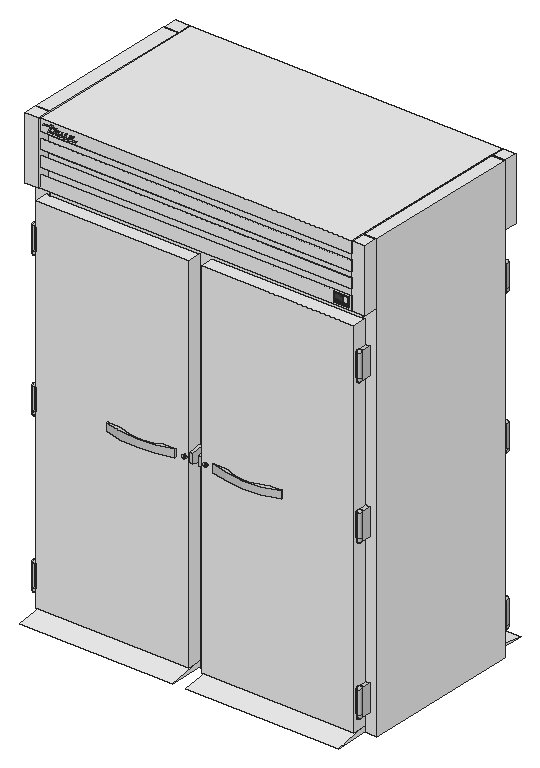
Revit family
Parameters
  Weight in Pounds = 0
  Watts = Volts * FL Amps  # 1092.5 W
  Volts = 115 V
  URL Cutsheet = "www.truemfg.com"
  URL = "www.truemfg.com"
  Type Mark [instance] = ""
  Type Comments = ""
  Status [instance] = ""
  Specification by User [instance] = ""
  Specification by Manufacturer = ""
  Show Logo [instance] = yes
  Show Clearance [instance] = yes
  Serial Number = ""
  Seismic Rating = ""
  SMACNA No = ""
  Revision Code [instance] = ""
  Phase = 1
  Omniclass Number and Title = ""
  Number of Poles [instance] = 1
  NAFEM Spec ID Number = ""
  Model = "STR2RRT89-2S-2S"
  Min Ckt Ampacity = 0 A
  Max Overcurrent Protection = 0 A
  Masterspec = ""
  Manufacturer = "TRUE FOOD SERVICE EQUIPMENT, INC."
  Length = 68"
  Item Number [instance] = ""
  Installed By [instance] = ""
  Identify Quantity as Lot [instance] = yes
  Height = 88 3/4"
  HP = "1/2"
  Furnished By [instance] = ""
  Foodservice Equipment Identifier [instance] = yes
  FL Amps = 9.5 A
  Electrical Remarks [instance] = ""
  Electric Connection Type [instance] = ""
  Elec Conn RI Height [instance] = 0"
  Elec Conn Connection Height [instance] = 0"
  Description = "Roll-thru Solid Swing Door Refrigerator"
  Depth = 37 1/2"
  Cycle = 60 Hz
  Conn Plug = "5-15P"
  Conn Conduit = yes
  CSI MasterFormat = ""
  CSI Master Format = ""
  Apparent Power = if(Phase = 3, Volts * FL Amps * 1.73, Volts * FL Amps)  # 1092.5 VA
Reference planes (in)
  plane 1 "BACK": y = 0
  plane 2: z = 0
  plane 3 "LEFT": x = 0
  plane 4 "RIGHT": x = 68
  plane 5 "FRONT": y = -37.5
  plane 6 "TOP": z = 88.75
  plane 7: x = 2.84375
  plane 8: y = -18.75
  plane 9: z = 73.75
  plane 10: y = -37.4542
  plane 11: y = -0.0458
  plane 12: x = 34
Forms (in)
  Extrusion 1, solid, material "QF_Finishes_Chrome - Satin"
    sketch origin (0.05, 0, 0) x (1, 0, 0) y (0, 1, 0)
      loop
        line (-0.05, -2.75) -> (-0.05, -34.75) -> (2.87859, -34.75) -> (2.87859, -2.75) -> (-0.05, -2.75)
    from 0 to 88.75
  Extrusion 2, solid, material "QF_Finishes_Chrome - Satin"
    sketch origin (83.15, 0, 0) x (1, 0, 0) y (0, 1, 0)
      loop
        line (-17.85, -2.75) -> (-17.85, -34.75) -> (-15.15, -34.75) -> (-15.15, -2.75) -> (-17.85, -2.75)
    from 0 to 88.75
  Extrusion 3, solid, material "QF_Finishes_Chrome - Satin"
    sketch origin (0, 0, 0) x (0, 1, 0) y (0, 0, 1)
      loop
        line (-37.4542, 76.28125) -> (-34.75, 76.28125) -> (-34.75, 0) -> (-2.75, 0) -> (-2.75, 76.28125) -> (-0.0458, 76.28125) -> (-0.0458, 78.81726) -> (-2.25, 77.25) -> (-2.25, 78.52557) -> (-0.0458, 80.09284) -> (-0.0458, 82.18904) -> (-2.25, 80.62178) -> (-2.25, 81.58254) -> (-0.0458, 83.1498) -> (-0.0458, 85.28351) -> (-2.25, 83.71625) -> (-2.25, 84.83852) -> (-0.0458, 86.40578) -> (-0.0458, 88.75) -> (-37.4542, 88.75) -> (-37.4542, 86.40578) -> (-35.25, 84.83852) -> (-35.25, 83.71625) -> (-37.4542, 85.28351) -> (-37.4542, 83.1498) -> (-35.25, 81.58254) -> (-35.25, 80.62178) -> (-37.4542, 82.18904) -> (-37.4542, 80.09284) -> (-35.25, 78.52557) -> (-35.25, 77.25) -> (-37.4542, 78.81726) -> (-37.4542, 76.28125)
    from 2.92859 to 65.3
  Extrusion 4, solid, material "QF_Finishes_Chrome - Satin"
    sketch origin (33, 0, 0) x (1, 0, 0) y (0, 1, 0)
      loop
        line (34.84782, -34.75) -> (32.3, -34.75) -> (32.3, -37.5) -> (34.84782, -37.5) -> (34.84782, -34.75)
      loop
        line (34.84782, -2.75) -> (34.84782, 0) -> (32.3, 0) -> (32.3, -2.75) -> (34.84782, -2.75)
    from 76.28125 to 88.75
  Extrusion 5, solid, material "QF_Finishes_Chrome - Satin"
    sketch origin (-50.125, 0, 0.25) x (1, 0, 0) y (0, 1, 0)
      loop
        line (53.05359, -34.75) -> (50.24109, -34.75) -> (50.24109, -37.5) -> (53.05359, -37.5) -> (53.05359, -34.75)
      loop
        line (53.05359, -2.75) -> (53.05359, 0) -> (50.24109, 0) -> (50.24109, -2.75) -> (53.05359, -2.75)
    from 76.03125 to 88.5
  Extrusion 6, solid, material "QF_Finishes_Chrome - Satin"
    sketch origin (-24.96875, -3.75, -0.71875) x (1, 0, 0) y (0, 0, 1)
      loop
        line (27.25, 1.71875) -> (57.65625, 1.71875) -> (57.65625, 74.46875) -> (27.25, 74.46875) -> (27.25, 1.71875)
      loop
        line (90.6875, 1.71875) -> (90.6875, 74.46875) -> (60.28125, 74.46875) -> (60.28125, 1.71875) -> (90.6875, 1.71875)
    from 31 to 33.75
  Extrusion 7, solid, material "QF_Finishes_Handrails and Railings"
    sketch origin (91.65625, -0.25, 26.93519) x (1, 0, 0) y (0, 1, 0)
      loop
        line (-53.875, -37.25) -> (-53.875, -37.45)
        arc (-53.875, -37.45) -> (-47.075, -38.65633) -> (-40.275, -37.45) r 19.7687
        line (-40.275, -37.45) -> (-40.275, -37.25) -> (-42.675, -37.25)
        arc (-42.675, -37.25) -> (-47.075, -38.40816) -> (-51.475, -37.25) r 8.93713
        line (-51.475, -37.25) -> (-53.875, -37.25)
    from 10.87731 to 12.37731
  Extrusion 8, solid, material "QF_Finishes_Handrails and Railings"
    sketch origin (9.65625, -3.83467, -1.5) x (1, 0, 0) y (0, 0, 1)
      loop
        circle (26.4375, 40.0625) r 0.35
      loop
        line (26.47265, 40.33635) -> (26.41715, 40.33635) -> (26.41715, 39.76895) -> (26.47265, 39.76895) -> (26.47265, 40.33635)
    from 33.5 to 33.83066
  Extrusion 9, solid, material "QF_Finishes_Handrails and Railings", visible <- "Show Logo"
    sketch origin (0.33478, -2.68623, 5.01857) x (1, 0, 0) y (0, 0, 1)
      loop
        line (3.46044, 83.08731) -> (3.35478, 82.86073) -> (4.76027, 82.86073)
        arc (4.76027, 82.86073) -> (4.78879, 82.81028) -> (4.76027, 82.75984) r 0.05887
        line (4.76027, 82.75984) -> (4.39369, 81.97372)
        arc (4.39369, 81.97372) -> (4.39051, 81.90091) -> (4.43975, 81.84717) r 0.09523
        line (4.43975, 81.84717) -> (5.33844, 81.84717)
        arc (5.33844, 81.84717) -> (5.45192, 81.88295) -> (5.52436, 81.97735) r 0.19785
        line (5.52436, 81.97735) -> (5.81285, 82.59601) -> (6.0779, 82.59601)
        arc (6.0779, 82.59601) -> (6.14744, 82.57043) -> (6.13737, 82.49703) r 0.05911
        line (6.13737, 82.49703) -> (5.89598, 81.97937)
        arc (5.89598, 81.97937) -> (5.89974, 81.8934) -> (5.97231, 81.84717) r 0.09318
        line (5.97231, 81.84717) -> (6.76198, 81.84717)
        arc (6.76198, 81.84717) -> (6.82249, 81.86919) -> (6.85468, 81.92495) r 0.09412
        arc (6.85468, 81.92495) -> (6.87746, 81.86995) -> (6.93246, 81.84717) r 0.07778
        line (6.93246, 81.84717) -> (7.43246, 81.84717)
        arc (7.43246, 81.84717) -> (7.49022, 81.86265) -> (7.53251, 81.90493) r 0.11552
        arc (7.53251, 81.90493) -> (7.55275, 81.85606) -> (7.60162, 81.83581) r 0.06912
        line (7.60162, 81.83581) -> (8.31225, 81.83581)
        arc (8.31225, 81.83581) -> (8.37034, 81.85988) -> (8.39441, 81.91797) r 0.08216
        arc (8.39441, 81.91797) -> (8.44767, 81.86472) -> (8.52042, 81.84522) r 0.14551
        line (8.52042, 81.84522) -> (9.85158, 81.84522) -> (9.99946, 82.10134) -> (8.65678, 82.10134)
        arc (8.65678, 82.10134) -> (8.61972, 82.12704) -> (8.61834, 82.17211) r 0.05009
        line (8.61834, 82.17211) -> (8.64157, 82.22192)
        arc (8.64157, 82.22192) -> (8.67723, 82.26864) -> (8.73327, 82.28635) r 0.09747
        line (8.73327, 82.28635) -> (9.16485, 82.28635)
        arc (9.16485, 82.28635) -> (9.258, 82.31131) -> (9.32619, 82.3795) r 0.1863
        line (9.32619, 82.3795) -> (9.45119, 82.59601)
        arc (9.45119, 82.59601) -> (9.45119, 82.71157) -> (9.35111, 82.76934) r 0.11556
        line (9.35111, 82.76934) -> (8.89562, 82.76934)
        arc (8.89562, 82.76934) -> (8.7795, 82.74962) -> (8.69849, 82.66412) r 0.18605
        line (8.69849, 82.66412) -> (8.48204, 82.19993)
        arc (8.48204, 82.19993) -> (8.41815, 82.11667) -> (8.31806, 82.08511) r 0.1745
        line (8.31806, 82.08511) -> (7.84559, 82.08511)
        arc (7.84559, 82.08511) -> (7.78903, 82.14684) -> (7.79268, 82.23048) r 0.10939
        line (7.79268, 82.23048) -> (8.04395, 82.76934) -> (7.88403, 82.76934) -> (7.61781, 82.19844)
        arc (7.61781, 82.19844) -> (7.56609, 82.13103) -> (7.48505, 82.10548) r 0.14128
        line (7.48505, 82.10548) -> (7.15925, 82.10548)
        arc (7.15925, 82.10548) -> (7.10419, 82.17723) -> (7.116, 82.26689) r 0.11816
        line (7.116, 82.26689) -> (7.3503, 82.76934) -> (7.18514, 82.76934) -> (6.91546, 82.191)
        arc (6.91546, 82.191) -> (6.85285, 82.12839) -> (6.76733, 82.10548) r 0.17104
        line (6.76733, 82.10548) -> (6.29555, 82.10548)
        arc (6.29555, 82.10548) -> (6.21082, 82.14499) -> (6.20267, 82.23813) r 0.0935
        line (6.20267, 82.23813) -> (6.35774, 82.57069) -> (6.57695, 82.57069)
        arc (6.57695, 82.57069) -> (6.61395, 82.68217) -> (6.69267, 82.76934) r 0.2857
        line (6.69267, 82.76934) -> (5.83605, 82.76934)
        arc (5.83605, 82.76934) -> (5.74086, 82.74824) -> (5.67498, 82.67635) r 0.16212
        line (5.67498, 82.67635) -> (5.44279, 82.17841)
        arc (5.44279, 82.17841) -> (5.3894, 82.12502) -> (5.31647, 82.10548) r 0.14586
        line (5.31647, 82.10548) -> (4.80506, 82.10548)
        arc (4.80506, 82.10548) -> (4.76514, 82.15942) -> (4.77274, 82.22609) r 0.09155
        line (4.77274, 82.22609) -> (5.11018, 82.86073) -> (5.96155, 82.86073) -> (6.06721, 83.08731) -> (5.21584, 83.08731) -> (5.32149, 83.31388) -> (5.01862, 83.31388) -> (4.91297, 83.08731) -> (3.46044, 83.08731)
      loop
        arc (8.83805, 82.56363) -> (8.80119, 82.55375) -> (8.7742, 82.52676) r 0.07373
        line (8.7742, 82.52676) -> (8.75229, 82.45936)
        arc (8.75229, 82.45936) -> (8.76245, 82.43483) -> (8.78699, 82.42466) r 0.0347
        line (8.78699, 82.42466) -> (9.15948, 82.42466)
        arc (9.15948, 82.42466) -> (9.18632, 82.43061) -> (9.20812, 82.44734) r 0.0635
        line (9.20812, 82.44734) -> (9.22624, 82.53122)
        arc (9.22624, 82.53122) -> (9.22091, 82.55368) -> (9.20009, 82.56363) r 0.02676
        line (9.20009, 82.56363) -> (8.83805, 82.56363)
    from 34.76797 to 34.83173
  Extrusion 10, solid, material "QF_Finishes_White"
    sketch origin (10.81438, -2.7042, -7.94372) x (1, 0, 0) y (0, 0, 1)
      loop
        line (50.81732, 86.35727) -> (50.81732, 84.60996) -> (53.72357, 84.60996) -> (53.72357, 86.35727) -> (50.81732, 86.35727)
    from 34.75 to 34.76797
  Extrusion 11, solid, material "QF_Finishes_Black"
    sketch origin (10.81438, -2.7042, -7.94372) x (1, 0, 0) y (0, 0, 1)
      loop
        line (53.78607, 86.41977) -> (50.75482, 86.41977) -> (50.75482, 84.54746) -> (53.78607, 84.54746) -> (53.78607, 86.41977)
      loop
        spline (50.95482, 84.87872) -> (50.96333, 84.86254) -> (50.98831, 84.84747) -> (51.02804, 84.83452) -> (51.07982, 84.82459) -> (51.14011, 84.81835) -> (51.20482, 84.81622) -> (51.26952, 84.81835) -> (51.32982, 84.82459) -> (51.38159, 84.83452) -> (51.42132, 84.84747) -> (51.4463, 84.86254) -> (51.45482, 84.87872)
        spline (51.45482, 84.87872) -> (51.4463, 84.89489) -> (51.42132, 84.90997) -> (51.38159, 84.92291) -> (51.32982, 84.93284) -> (51.26952, 84.93909) -> (51.20482, 84.94122) -> (51.14011, 84.93909) -> (51.07982, 84.93284) -> (51.02804, 84.92291) -> (50.98831, 84.90997) -> (50.96333, 84.89489) -> (50.95482, 84.87872)
      loop
        spline (51.65083, 84.87872) -> (51.65935, 84.86254) -> (51.68432, 84.84747) -> (51.72405, 84.83452) -> (51.77583, 84.82459) -> (51.83612, 84.81835) -> (51.90083, 84.81622) -> (51.96553, 84.81835) -> (52.02583, 84.82459) -> (52.07761, 84.83452) -> (52.11734, 84.84747) -> (52.14231, 84.86254) -> (52.15083, 84.87872)
        spline (52.15083, 84.87872) -> (52.14231, 84.89489) -> (52.11734, 84.90997) -> (52.07761, 84.92291) -> (52.02583, 84.93284) -> (51.96553, 84.93909) -> (51.90083, 84.94122) -> (51.83612, 84.93909) -> (51.77583, 84.93284) -> (51.72405, 84.92291) -> (51.68432, 84.90997) -> (51.65935, 84.89489) -> (51.65083, 84.87872)
      loop
        spline (52.40083, 84.87872) -> (52.40935, 84.86254) -> (52.43432, 84.84747) -> (52.47405, 84.83452) -> (52.52583, 84.82459) -> (52.58612, 84.81835) -> (52.65083, 84.81622) -> (52.71553, 84.81835) -> (52.77583, 84.82459) -> (52.82761, 84.83452) -> (52.86734, 84.84747) -> (52.89231, 84.86254) -> (52.90083, 84.87872)
        spline (52.90083, 84.87872) -> (52.89231, 84.89489) -> (52.86734, 84.90997) -> (52.82761, 84.92291) -> (52.77583, 84.93284) -> (52.71553, 84.93909) -> (52.65083, 84.94122) -> (52.58612, 84.93909) -> (52.52583, 84.93284) -> (52.47405, 84.92291) -> (52.43432, 84.90997) -> (52.40935, 84.89489) -> (52.40083, 84.87872)
      loop
        line (50.95481, 86.21978) -> (50.95481, 85.21978) -> (52.65433, 85.21978) -> (52.65433, 86.21978) -> (50.95481, 86.21978)
      loop
        line (53.72357, 86.35727) -> (50.81732, 86.35727) -> (50.81732, 84.60996) -> (53.72357, 84.60996) -> (53.72357, 86.35727)
      loop
        spline (53.15083, 84.87872) -> (53.15935, 84.86254) -> (53.18432, 84.84747) -> (53.22405, 84.83452) -> (53.27583, 84.82459) -> (53.33612, 84.81835) -> (53.40083, 84.81622) -> (53.46553, 84.81835) -> (53.52583, 84.82459) -> (53.57761, 84.83452) -> (53.61734, 84.84747) -> (53.64231, 84.86254) -> (53.65083, 84.87872)
        spline (53.65083, 84.87872) -> (53.64231, 84.89489) -> (53.61734, 84.90997) -> (53.57761, 84.92291) -> (53.52583, 84.93284) -> (53.46553, 84.93909) -> (53.40083, 84.94122) -> (53.33612, 84.93909) -> (53.27583, 84.93284) -> (53.22405, 84.92291) -> (53.18432, 84.90997) -> (53.15935, 84.89489) -> (53.15083, 84.87872)
    from 34.76797 to 34.80335
  Extrusion 12, solid
    sketch origin (9.125, 0, 0) x (1, 0, 0) y (0, 0, 1)
      loop
        circle (56.875, 86.625) r 0.25
    from 0 to 0.0625
  Blend 13, solid, material "QF_Finishes_Handrails and Railings"
    base sketch origin (60.5625, -3.75, 0.5) x (-1, 0, 0) y (0, 0, -1)
      loop
        line (25.25, -38.99169) -> (26, -38.99169) -> (26, -37.24169) -> (25.25, -37.24169) -> (25.25, -38.99169)
    top sketch origin (60.5625, 0, 0.5) x (-1, 0, 0) y (0, 0, -1)
      loop
        line (26.18223, -36.6441) -> (25.25, -36.6441) -> (25.25, -39.42643) -> (26.18223, -39.42643) -> (26.18223, -36.6441)
    from 33.57883 to 34.75
  Extrusion 14, solid, material "QF_Finishes_Handrails and Railings"
    sketch origin (66.8125, 0, 0) x (0, 1, 0) y (0, 0, -1)
      loop
        line (-34.75, -69.17729) -> (-34.75, -63.86127) -> (-37, -63.86127) -> (-37, -64.57348) -> (-36.56497, -64.57348) -> (-36.56497, -68.97276)
        arc (-36.56497, -68.97276) -> (-36.50506, -69.11738) -> (-36.36044, -69.17729) r 0.20453
        line (-36.36044, -69.17729) -> (-34.75, -69.17729)
    from 0.17506 to 1
  Revolve 15, solid, material "QF_Finishes_Handrails and Railings"
    sketch origin (66.3125, 0, 0) x (0, 1, 0) y (0, 0, -1)
      loop
        line (-37.01563, -64.62689) -> (-37.42229, -64.62689) -> (-37.42229, -69.0986)
        arc (-37.42229, -69.0986) -> (-37.28722, -69.35057) -> (-37.01563, -69.43983) r 0.3848
        line (-37.01563, -69.43983) -> (-37.01563, -64.62689)
      loop
        line (-37.01563, -64.57348) -> (-37.01563, -63.67281)
        arc (-37.01563, -63.67281) -> (-37.28264, -63.75883) -> (-37.42229, -64.00212) r 0.38884
        line (-37.42229, -64.00212) -> (-37.42229, -64.57348) -> (-37.01563, -64.57348)
      axis (-37.01563, -63.67281) -> (-37.01563, -69.43983)
    angle from 0 to 360
  Extrusion 16, solid, material "QF_Finishes_Handrails and Railings"
    sketch origin (60.53125, -3.82734, 0.0011) x (-1, 0, 0) y (0, 0, -1)
      loop
        line (-5.58509, -69.0986) -> (-5.1875, -69.0986) -> (-5.1875, -64.62579) -> (-5.58509, -64.62579) -> (-5.58509, -69.0986)
    from 32.81497 to 33.59495
  Extrusion 17, solid, material "QF_Finishes_Handrails and Railings"
    sketch origin (66.8125, 0, -24) x (0, 1, 0) y (0, 0, -1)
      loop
        line (-34.75, -64.55229) -> (-34.75, -59.23627) -> (-37, -59.23627) -> (-37, -59.94848) -> (-36.56497, -59.94848) -> (-36.56497, -64.34776)
        arc (-36.56497, -64.34776) -> (-36.50506, -64.49238) -> (-36.36044, -64.55229) r 0.20453
        line (-36.36044, -64.55229) -> (-34.75, -64.55229)
    from 0.17506 to 1
  Revolve 18, solid, material "QF_Finishes_Handrails and Railings"
    sketch origin (66.3125, 0, -24) x (0, 1, 0) y (0, 0, -1)
      loop
        line (-37.01563, -60.00189) -> (-37.42229, -60.00189) -> (-37.42229, -64.4736)
        arc (-37.42229, -64.4736) -> (-37.28722, -64.72557) -> (-37.01563, -64.81483) r 0.3848
        line (-37.01563, -64.81483) -> (-37.01563, -60.00189)
      loop
        line (-37.01563, -59.94848) -> (-37.01563, -59.04781)
        arc (-37.01563, -59.04781) -> (-37.28264, -59.13383) -> (-37.42229, -59.37712) r 0.38884
        line (-37.42229, -59.37712) -> (-37.42229, -59.94848) -> (-37.01563, -59.94848)
      axis (-37.01563, -59.04781) -> (-37.01563, -64.81483)
    angle from 0 to 360
  Extrusion 19, solid, material "QF_Finishes_Handrails and Railings"
    sketch origin (60.53125, -3.82734, -23.9989) x (-1, 0, 0) y (0, 0, -1)
      loop
        line (-5.58509, -64.4736) -> (-5.1875, -64.4736) -> (-5.1875, -60.00079) -> (-5.58509, -60.00079) -> (-5.58509, -64.4736)
    from 32.81497 to 33.59495
  Extrusion 20, solid, material "QF_Finishes_Handrails and Railings"
    sketch origin (66.8125, 0, -55.5) x (0, 1, 0) y (0, 0, -1)
      loop
        line (-34.75, -64.55229) -> (-34.75, -59.23627) -> (-37, -59.23627) -> (-37, -59.94848) -> (-36.56497, -59.94848) -> (-36.56497, -64.34776)
        arc (-36.56497, -64.34776) -> (-36.50506, -64.49238) -> (-36.36044, -64.55229) r 0.20453
        line (-36.36044, -64.55229) -> (-34.75, -64.55229)
    from 0.17506 to 1
  Revolve 21, solid, material "QF_Finishes_Handrails and Railings"
    sketch origin (66.3125, 0, -55.5) x (0, 1, 0) y (0, 0, -1)
      loop
        line (-37.01563, -60.00189) -> (-37.42229, -60.00189) -> (-37.42229, -64.4736)
        arc (-37.42229, -64.4736) -> (-37.28722, -64.72557) -> (-37.01563, -64.81483) r 0.3848
        line (-37.01563, -64.81483) -> (-37.01563, -60.00189)
      loop
        line (-37.01563, -59.94848) -> (-37.01563, -59.04781)
        arc (-37.01563, -59.04781) -> (-37.28264, -59.13383) -> (-37.42229, -59.37712) r 0.38884
        line (-37.42229, -59.37712) -> (-37.42229, -59.94848) -> (-37.01563, -59.94848)
      axis (-37.01563, -59.04781) -> (-37.01563, -64.81483)
    angle from 0 to 360
  Extrusion 22, solid, material "QF_Finishes_Handrails and Railings"
    sketch origin (60.53125, -3.82734, -55.4989) x (-1, 0, 0) y (0, 0, -1)
      loop
        line (-5.58509, -64.4736) -> (-5.1875, -64.4736) -> (-5.1875, -60.00079) -> (-5.58509, -60.00079) -> (-5.58509, -64.4736)
    from 32.81497 to 33.59495
  Extrusion 23, solid, material "QF_Finishes_Door Clearance", visible <- "Show Clearance", detail levels coarse
    sketch origin (26.42841, -3.6098, 0) x (1, 0, 0) y (0, 1, 0)
      loop
        line (-24.14716, -33.8902) -> (-24.14716, -64.29645)
        arc (-24.14716, -64.29645) -> (-2.64669, -55.39067) -> (6.25909, -33.8902) r 30.40625
        line (6.25909, -33.8902) -> (-24.14716, -33.8902)
      loop
        line (39.29034, -33.8902) -> (8.88409, -33.8902)
        arc (8.88409, -33.8902) -> (17.78987, -55.39067) -> (39.29034, -64.29645) r 30.40625
        line (39.29034, -64.29645) -> (39.29034, -33.8902)
    from 1 to 73.75
  Extrusion 24, solid, material "QF_Finishes_Chrome - Satin"
    sketch origin (32.6875, -3.75, 1) x (0, 0, 1) y (0, -1, 0)
      loop
        line (-1, 37.6875) -> (-1, 31) -> (0, 31) -> (-1, 37.6875)
    from 0 to -30.40625
  Extrusion 25, solid, material "QF_Finishes_Handrails and Railings"
    sketch origin (-23.65625, -0.25, 26.93519) x (1, 0, 0) y (0, 1, 0)
      loop
        line (53.875, -37.25) -> (51.475, -37.25)
        arc (51.475, -37.25) -> (47.075, -38.40816) -> (42.675, -37.25) r 8.93713
        line (42.675, -37.25) -> (40.275, -37.25) -> (40.275, -37.45)
        arc (40.275, -37.45) -> (47.075, -38.65633) -> (53.875, -37.45) r 19.7687
        line (53.875, -37.45) -> (53.875, -37.25)
    from 10.87731 to 12.37731
  Extrusion 26, solid, material "QF_Finishes_Handrails and Railings"
    sketch origin (58.34375, -3.83467, -1.5) x (-1, 0, 0) y (0, 0, -1)
      loop
        circle (26.4375, -40.0625) r 0.35
      loop
        line (26.47265, -40.33635) -> (26.47265, -39.76895) -> (26.41715, -39.76895) -> (26.41715, -40.33635) -> (26.47265, -40.33635)
    from 33.5 to 33.83066
  Blend 27, solid, material "QF_Finishes_Handrails and Railings"
    base sketch origin (7.4375, -3.75, 0.5) x (1, 0, 0) y (0, 0, 1)
      loop
        line (25.25, 38.99169) -> (25.25, 37.24169) -> (26, 37.24169) -> (26, 38.99169) -> (25.25, 38.99169)
    top sketch origin (7.4375, 0, 0.5) x (1, 0, 0) y (0, 0, 1)
      loop
        line (26.18223, 36.6441) -> (26.18223, 39.42643) -> (25.25, 39.42643) -> (25.25, 36.6441) -> (26.18223, 36.6441)
    from 33.57883 to 34.75
  Extrusion 28, solid, material "QF_Finishes_Handrails and Railings"
    sketch origin (1.1875, 0, 0) x (0, 1, 0) y (0, 0, 1)
      loop
        line (-34.75, 69.17729) -> (-36.36044, 69.17729)
        arc (-36.36044, 69.17729) -> (-36.50506, 69.11738) -> (-36.56497, 68.97276) r 0.20453
        line (-36.56497, 68.97276) -> (-36.56497, 64.57348) -> (-37, 64.57348) -> (-37, 63.86127) -> (-34.75, 63.86127) -> (-34.75, 69.17729)
    from 0.17506 to 1
  Revolve 29, solid, material "QF_Finishes_Handrails and Railings"
    sketch origin (1.6875, 0, 0) x (0, 1, 0) y (0, 0, 1)
      loop
        line (-37.01563, 64.62689) -> (-37.01563, 69.43983)
        arc (-37.01563, 69.43983) -> (-37.28722, 69.35057) -> (-37.42229, 69.0986) r 0.3848
        line (-37.42229, 69.0986) -> (-37.42229, 64.62689) -> (-37.01563, 64.62689)
      loop
        line (-37.01563, 64.57348) -> (-37.42229, 64.57348) -> (-37.42229, 64.00212)
        arc (-37.42229, 64.00212) -> (-37.28264, 63.75883) -> (-37.01563, 63.67281) r 0.38884
        line (-37.01563, 63.67281) -> (-37.01563, 64.57348)
      axis (-37.01563, 63.67281) -> (-37.01563, 69.43983)
    angle from 0 to 360
  Extrusion 30, solid, material "QF_Finishes_Handrails and Railings"
    sketch origin (7.46875, -3.82734, 0.0011) x (1, 0, 0) y (0, 0, 1)
      loop
        line (-5.58509, 69.0986) -> (-5.58509, 64.62579) -> (-5.1875, 64.62579) -> (-5.1875, 69.0986) -> (-5.58509, 69.0986)
    from 32.81497 to 33.59495
  Extrusion 31, solid, material "QF_Finishes_Handrails and Railings"
    sketch origin (1.1875, 0, -24) x (0, 1, 0) y (0, 0, 1)
      loop
        line (-34.75, 64.55229) -> (-36.36044, 64.55229)
        arc (-36.36044, 64.55229) -> (-36.50506, 64.49238) -> (-36.56497, 64.34776) r 0.20453
        line (-36.56497, 64.34776) -> (-36.56497, 59.94848) -> (-37, 59.94848) -> (-37, 59.23627) -> (-34.75, 59.23627) -> (-34.75, 64.55229)
    from 0.17506 to 1
  Revolve 32, solid, material "QF_Finishes_Handrails and Railings"
    sketch origin (1.6875, 0, -24) x (0, 1, 0) y (0, 0, 1)
      loop
        line (-37.01563, 60.00189) -> (-37.01563, 64.81483)
        arc (-37.01563, 64.81483) -> (-37.28722, 64.72557) -> (-37.42229, 64.4736) r 0.3848
        line (-37.42229, 64.4736) -> (-37.42229, 60.00189) -> (-37.01563, 60.00189)
      loop
        line (-37.01563, 59.94848) -> (-37.42229, 59.94848) -> (-37.42229, 59.37712)
        arc (-37.42229, 59.37712) -> (-37.28264, 59.13383) -> (-37.01563, 59.04781) r 0.38884
        line (-37.01563, 59.04781) -> (-37.01563, 59.94848)
      axis (-37.01563, 59.04781) -> (-37.01563, 64.81483)
    angle from 0 to 360
  Extrusion 33, solid, material "QF_Finishes_Handrails and Railings"
    sketch origin (7.46875, -3.82734, -23.9989) x (1, 0, 0) y (0, 0, 1)
      loop
        line (-5.58509, 64.4736) -> (-5.58509, 60.00079) -> (-5.1875, 60.00079) -> (-5.1875, 64.4736) -> (-5.58509, 64.4736)
    from 32.81497 to 33.59495
  Extrusion 34, solid, material "QF_Finishes_Handrails and Railings"
    sketch origin (1.1875, 0, -55.5) x (0, 1, 0) y (0, 0, 1)
      loop
        line (-34.75, 64.55229) -> (-36.36044, 64.55229)
        arc (-36.36044, 64.55229) -> (-36.50506, 64.49238) -> (-36.56497, 64.34776) r 0.20453
        line (-36.56497, 64.34776) -> (-36.56497, 59.94848) -> (-37, 59.94848) -> (-37, 59.23627) -> (-34.75, 59.23627) -> (-34.75, 64.55229)
    from 0.17506 to 1
  Revolve 35, solid, material "QF_Finishes_Handrails and Railings"
    sketch origin (1.6875, 0, -55.5) x (0, 1, 0) y (0, 0, 1)
      loop
        line (-37.01563, 60.00189) -> (-37.01563, 64.81483)
        arc (-37.01563, 64.81483) -> (-37.28722, 64.72557) -> (-37.42229, 64.4736) r 0.3848
        line (-37.42229, 64.4736) -> (-37.42229, 60.00189) -> (-37.01563, 60.00189)
      loop
        line (-37.01563, 59.94848) -> (-37.42229, 59.94848) -> (-37.42229, 59.37712)
        arc (-37.42229, 59.37712) -> (-37.28264, 59.13383) -> (-37.01563, 59.04781) r 0.38884
        line (-37.01563, 59.04781) -> (-37.01563, 59.94848)
      axis (-37.01563, 59.04781) -> (-37.01563, 64.81483)
    angle from 0 to 360
  Extrusion 36, solid, material "QF_Finishes_Handrails and Railings"
    sketch origin (7.46875, -3.82734, -55.4989) x (1, 0, 0) y (0, 0, 1)
      loop
        line (-5.58509, 64.4736) -> (-5.58509, 60.00079) -> (-5.1875, 60.00079) -> (-5.1875, 64.4736) -> (-5.58509, 64.4736)
    from 32.81497 to 33.59495
  Extrusion 37, solid, material "QF_Finishes_Chrome - Satin"
    sketch origin (35.3125, -3.75, 1) x (0, 0, 1) y (0, 1, 0)
      loop
        line (-1, -37.6875) -> (0, -31) -> (-1, -31) -> (-1, -37.6875)
    from 0 to -30.40625
  Extrusion 38, solid, material "QF_Finishes_Chrome - Satin"
    sketch origin (-24.96875, -33.75, -0.71875) x (1, 0, 0) y (0, 0, -1)
      loop
        line (27.25, -1.71875) -> (27.25, -74.46875) -> (57.65625, -74.46875) -> (57.65625, -1.71875) -> (27.25, -1.71875)
      loop
        line (90.6875, -1.71875) -> (60.28125, -1.71875) -> (60.28125, -74.46875) -> (90.6875, -74.46875) -> (90.6875, -1.71875)
    from 31 to 33.75
  Extrusion 39, solid, material "QF_Finishes_Handrails and Railings"
    sketch origin (91.65625, -37.25, 26.93519) x (-1, 0, 0) y (0, -1, 0)
      loop
        line (53.875, -37.25) -> (51.475, -37.25)
        arc (51.475, -37.25) -> (47.075, -38.40816) -> (42.675, -37.25) r 8.93713
        line (42.675, -37.25) -> (40.275, -37.25) -> (40.275, -37.45)
        arc (40.275, -37.45) -> (47.075, -38.65633) -> (53.875, -37.45) r 19.7687
        line (53.875, -37.45) -> (53.875, -37.25)
    from 10.87731 to 12.37731
  Extrusion 40, solid, material "QF_Finishes_Handrails and Railings"
    sketch origin (9.65625, -33.66533, -1.5) x (1, 0, 0) y (0, 0, -1)
      loop
        circle (26.4375, -40.0625) r 0.35
      loop
        line (26.47265, -40.33635) -> (26.47265, -39.76895) -> (26.41715, -39.76895) -> (26.41715, -40.33635) -> (26.47265, -40.33635)
    from 33.5 to 33.83066
  Blend 41, solid, material "QF_Finishes_Handrails and Railings"
    base sketch origin (60.5625, -33.75, 0.5) x (-1, 0, 0) y (0, 0, 1)
      loop
        line (25.25, 38.99169) -> (25.25, 37.24169) -> (26, 37.24169) -> (26, 38.99169) -> (25.25, 38.99169)
    top sketch origin (60.5625, -37.5, 0.5) x (-1, 0, 0) y (0, 0, 1)
      loop
        line (26.18223, 36.6441) -> (26.18223, 39.42643) -> (25.25, 39.42643) -> (25.25, 36.6441) -> (26.18223, 36.6441)
    from 33.57883 to 34.75
  Extrusion 42, solid, material "QF_Finishes_Handrails and Railings"
    sketch origin (66.8125, -37.5, 0) x (0, -1, 0) y (0, 0, 1)
      loop
        line (-34.75, 69.17729) -> (-36.36044, 69.17729)
        arc (-36.36044, 69.17729) -> (-36.50506, 69.11738) -> (-36.56497, 68.97276) r 0.20453
        line (-36.56497, 68.97276) -> (-36.56497, 64.57348) -> (-37, 64.57348) -> (-37, 63.86127) -> (-34.75, 63.86127) -> (-34.75, 69.17729)
    from 0.17506 to 1
  Revolve 43, solid, material "QF_Finishes_Handrails and Railings"
    sketch origin (66.3125, -37.5, 0) x (0, -1, 0) y (0, 0, 1)
      loop
        line (-37.01563, 64.62689) -> (-37.01563, 69.43983)
        arc (-37.01563, 69.43983) -> (-37.28722, 69.35057) -> (-37.42229, 69.0986) r 0.3848
        line (-37.42229, 69.0986) -> (-37.42229, 64.62689) -> (-37.01563, 64.62689)
      loop
        line (-37.01563, 64.57348) -> (-37.42229, 64.57348) -> (-37.42229, 64.00212)
        arc (-37.42229, 64.00212) -> (-37.28264, 63.75883) -> (-37.01563, 63.67281) r 0.38884
        line (-37.01563, 63.67281) -> (-37.01563, 64.57348)
      axis (-37.01563, 63.67281) -> (-37.01563, 69.43983)
    angle from 0 to 360
  Extrusion 44, solid, material "QF_Finishes_Handrails and Railings"
    sketch origin (60.53125, -33.67266, 0.0011) x (-1, 0, 0) y (0, 0, 1)
      loop
        line (-5.58509, 69.0986) -> (-5.58509, 64.62579) -> (-5.1875, 64.62579) -> (-5.1875, 69.0986) -> (-5.58509, 69.0986)
    from 32.81497 to 33.59495
  Extrusion 45, solid, material "QF_Finishes_Handrails and Railings"
    sketch origin (66.8125, -37.5, -24) x (0, -1, 0) y (0, 0, 1)
      loop
        line (-34.75, 64.55229) -> (-36.36044, 64.55229)
        arc (-36.36044, 64.55229) -> (-36.50506, 64.49238) -> (-36.56497, 64.34776) r 0.20453
        line (-36.56497, 64.34776) -> (-36.56497, 59.94848) -> (-37, 59.94848) -> (-37, 59.23627) -> (-34.75, 59.23627) -> (-34.75, 64.55229)
    from 0.17506 to 1
  Revolve 46, solid, material "QF_Finishes_Handrails and Railings"
    sketch origin (66.3125, -37.5, -24) x (0, -1, 0) y (0, 0, 1)
      loop
        line (-37.01563, 60.00189) -> (-37.01563, 64.81483)
        arc (-37.01563, 64.81483) -> (-37.28722, 64.72557) -> (-37.42229, 64.4736) r 0.3848
        line (-37.42229, 64.4736) -> (-37.42229, 60.00189) -> (-37.01563, 60.00189)
      loop
        line (-37.01563, 59.94848) -> (-37.42229, 59.94848) -> (-37.42229, 59.37712)
        arc (-37.42229, 59.37712) -> (-37.28264, 59.13383) -> (-37.01563, 59.04781) r 0.38884
        line (-37.01563, 59.04781) -> (-37.01563, 59.94848)
      axis (-37.01563, 59.04781) -> (-37.01563, 64.81483)
    angle from 0 to 360
  Extrusion 47, solid, material "QF_Finishes_Handrails and Railings"
    sketch origin (60.53125, -33.67266, -23.9989) x (-1, 0, 0) y (0, 0, 1)
      loop
        line (-5.58509, 64.4736) -> (-5.58509, 60.00079) -> (-5.1875, 60.00079) -> (-5.1875, 64.4736) -> (-5.58509, 64.4736)
    from 32.81497 to 33.59495
  Extrusion 48, solid, material "QF_Finishes_Handrails and Railings"
    sketch origin (66.8125, -37.5, -55.5) x (0, -1, 0) y (0, 0, 1)
      loop
        line (-34.75, 64.55229) -> (-36.36044, 64.55229)
        arc (-36.36044, 64.55229) -> (-36.50506, 64.49238) -> (-36.56497, 64.34776) r 0.20453
        line (-36.56497, 64.34776) -> (-36.56497, 59.94848) -> (-37, 59.94848) -> (-37, 59.23627) -> (-34.75, 59.23627) -> (-34.75, 64.55229)
    from 0.17506 to 1
  Revolve 49, solid, material "QF_Finishes_Handrails and Railings"
    sketch origin (66.3125, -37.5, -55.5) x (0, -1, 0) y (0, 0, 1)
      loop
        line (-37.01563, 60.00189) -> (-37.01563, 64.81483)
        arc (-37.01563, 64.81483) -> (-37.28722, 64.72557) -> (-37.42229, 64.4736) r 0.3848
        line (-37.42229, 64.4736) -> (-37.42229, 60.00189) -> (-37.01563, 60.00189)
      loop
        line (-37.01563, 59.94848) -> (-37.42229, 59.94848) -> (-37.42229, 59.37712)
        arc (-37.42229, 59.37712) -> (-37.28264, 59.13383) -> (-37.01563, 59.04781) r 0.38884
        line (-37.01563, 59.04781) -> (-37.01563, 59.94848)
      axis (-37.01563, 59.04781) -> (-37.01563, 64.81483)
    angle from 0 to 360
  Extrusion 50, solid, material "QF_Finishes_Handrails and Railings"
    sketch origin (60.53125, -33.67266, -55.4989) x (-1, 0, 0) y (0, 0, 1)
      loop
        line (-5.58509, 64.4736) -> (-5.58509, 60.00079) -> (-5.1875, 60.00079) -> (-5.1875, 64.4736) -> (-5.58509, 64.4736)
    from 32.81497 to 33.59495
  Extrusion 51, solid, material "QF_Finishes_Door Clearance", visible <- "Show Clearance", detail levels coarse
    sketch origin (26.42841, -33.8902, 0) x (1, 0, 0) y (0, 1, 0)
      loop
        line (-24.14716, 33.8902) -> (6.25909, 33.8902)
        arc (6.25909, 33.8902) -> (-2.64669, 55.39067) -> (-24.14716, 64.29645) r 30.40625
        line (-24.14716, 64.29645) -> (-24.14716, 33.8902)
      loop
        line (39.29034, 33.8902) -> (39.29034, 64.29645)
        arc (39.29034, 64.29645) -> (17.78987, 55.39067) -> (8.88409, 33.8902) r 30.40625
        line (8.88409, 33.8902) -> (39.29034, 33.8902)
    from 1 to 73.75
  Extrusion 52, solid, material "QF_Finishes_Chrome - Satin"
    sketch origin (32.6875, -33.75, 1) x (0, 0, 1) y (0, -1, 0)
      loop
        line (-1, -37.6875) -> (0, -31) -> (-1, -31) -> (-1, -37.6875)
    from 0 to -30.40625
  Extrusion 53, solid, material "QF_Finishes_Handrails and Railings"
    sketch origin (-23.65625, -37.25, 26.93519) x (-1, 0, 0) y (0, -1, 0)
      loop
        line (-53.875, -37.25) -> (-53.875, -37.45)
        arc (-53.875, -37.45) -> (-47.075, -38.65633) -> (-40.275, -37.45) r 19.7687
        line (-40.275, -37.45) -> (-40.275, -37.25) -> (-42.675, -37.25)
        arc (-42.675, -37.25) -> (-47.075, -38.40816) -> (-51.475, -37.25) r 8.93713
        line (-51.475, -37.25) -> (-53.875, -37.25)
    from 10.87731 to 12.37731
  Extrusion 54, solid, material "QF_Finishes_Handrails and Railings"
    sketch origin (58.34375, -33.66533, -1.5) x (-1, 0, 0) y (0, 0, 1)
      loop
        circle (26.4375, 40.0625) r 0.35
      loop
        line (26.47265, 40.33635) -> (26.41715, 40.33635) -> (26.41715, 39.76895) -> (26.47265, 39.76895) -> (26.47265, 40.33635)
    from 33.5 to 33.83066
  Blend 55, solid, material "QF_Finishes_Handrails and Railings"
    base sketch origin (7.4375, -33.75, 0.5) x (1, 0, 0) y (0, 0, -1)
      loop
        line (25.25, -38.99169) -> (26, -38.99169) -> (26, -37.24169) -> (25.25, -37.24169) -> (25.25, -38.99169)
    top sketch origin (7.4375, -37.5, 0.5) x (1, 0, 0) y (0, 0, -1)
      loop
        line (26.18223, -36.6441) -> (25.25, -36.6441) -> (25.25, -39.42643) -> (26.18223, -39.42643) -> (26.18223, -36.6441)
    from 33.57883 to 34.75
  Extrusion 56, solid, material "QF_Finishes_Handrails and Railings"
    sketch origin (1.1875, -37.5, 0) x (0, -1, 0) y (0, 0, -1)
      loop
        line (-34.75, -69.17729) -> (-34.75, -63.86127) -> (-37, -63.86127) -> (-37, -64.57348) -> (-36.56497, -64.57348) -> (-36.56497, -68.97276)
        arc (-36.56497, -68.97276) -> (-36.50506, -69.11738) -> (-36.36044, -69.17729) r 0.20453
        line (-36.36044, -69.17729) -> (-34.75, -69.17729)
    from 0.17506 to 1
  Revolve 57, solid, material "QF_Finishes_Handrails and Railings"
    sketch origin (1.6875, -37.5, 0) x (0, -1, 0) y (0, 0, -1)
      loop
        line (-37.01563, -64.62689) -> (-37.42229, -64.62689) -> (-37.42229, -69.0986)
        arc (-37.42229, -69.0986) -> (-37.28722, -69.35057) -> (-37.01563, -69.43983) r 0.3848
        line (-37.01563, -69.43983) -> (-37.01563, -64.62689)
      loop
        line (-37.01563, -64.57348) -> (-37.01563, -63.67281)
        arc (-37.01563, -63.67281) -> (-37.28264, -63.75883) -> (-37.42229, -64.00212) r 0.38884
        line (-37.42229, -64.00212) -> (-37.42229, -64.57348) -> (-37.01563, -64.57348)
      axis (-37.01563, -63.67281) -> (-37.01563, -69.43983)
    angle from 0 to 360
  Extrusion 58, solid, material "QF_Finishes_Handrails and Railings"
    sketch origin (7.46875, -33.67266, 0.0011) x (1, 0, 0) y (0, 0, -1)
      loop
        line (-5.58509, -69.0986) -> (-5.1875, -69.0986) -> (-5.1875, -64.62579) -> (-5.58509, -64.62579) -> (-5.58509, -69.0986)
    from 32.81497 to 33.59495
  Extrusion 59, solid, material "QF_Finishes_Handrails and Railings"
    sketch origin (1.1875, -37.5, -24) x (0, -1, 0) y (0, 0, -1)
      loop
        line (-34.75, -64.55229) -> (-34.75, -59.23627) -> (-37, -59.23627) -> (-37, -59.94848) -> (-36.56497, -59.94848) -> (-36.56497, -64.34776)
        arc (-36.56497, -64.34776) -> (-36.50506, -64.49238) -> (-36.36044, -64.55229) r 0.20453
        line (-36.36044, -64.55229) -> (-34.75, -64.55229)
    from 0.17506 to 1
  Revolve 60, solid, material "QF_Finishes_Handrails and Railings"
    sketch origin (1.6875, -37.5, -24) x (0, -1, 0) y (0, 0, -1)
      loop
        line (-37.01563, -60.00189) -> (-37.42229, -60.00189) -> (-37.42229, -64.4736)
        arc (-37.42229, -64.4736) -> (-37.28722, -64.72557) -> (-37.01563, -64.81483) r 0.3848
        line (-37.01563, -64.81483) -> (-37.01563, -60.00189)
      loop
        line (-37.01563, -59.94848) -> (-37.01563, -59.04781)
        arc (-37.01563, -59.04781) -> (-37.28264, -59.13383) -> (-37.42229, -59.37712) r 0.38884
        line (-37.42229, -59.37712) -> (-37.42229, -59.94848) -> (-37.01563, -59.94848)
      axis (-37.01563, -59.04781) -> (-37.01563, -64.81483)
    angle from 0 to 360
  Extrusion 61, solid, material "QF_Finishes_Handrails and Railings"
    sketch origin (7.46875, -33.67266, -23.9989) x (1, 0, 0) y (0, 0, -1)
      loop
        line (-5.58509, -64.4736) -> (-5.1875, -64.4736) -> (-5.1875, -60.00079) -> (-5.58509, -60.00079) -> (-5.58509, -64.4736)
    from 32.81497 to 33.59495
  Extrusion 62, solid, material "QF_Finishes_Handrails and Railings"
    sketch origin (1.1875, -37.5, -55.5) x (0, -1, 0) y (0, 0, -1)
      loop
        line (-34.75, -64.55229) -> (-34.75, -59.23627) -> (-37, -59.23627) -> (-37, -59.94848) -> (-36.56497, -59.94848) -> (-36.56497, -64.34776)
        arc (-36.56497, -64.34776) -> (-36.50506, -64.49238) -> (-36.36044, -64.55229) r 0.20453
        line (-36.36044, -64.55229) -> (-34.75, -64.55229)
    from 0.17506 to 1
  Revolve 63, solid, material "QF_Finishes_Handrails and Railings"
    sketch origin (1.6875, -37.5, -55.5) x (0, -1, 0) y (0, 0, -1)
      loop
        line (-37.01563, -60.00189) -> (-37.42229, -60.00189) -> (-37.42229, -64.4736)
        arc (-37.42229, -64.4736) -> (-37.28722, -64.72557) -> (-37.01563, -64.81483) r 0.3848
        line (-37.01563, -64.81483) -> (-37.01563, -60.00189)
      loop
        line (-37.01563, -59.94848) -> (-37.01563, -59.04781)
        arc (-37.01563, -59.04781) -> (-37.28264, -59.13383) -> (-37.42229, -59.37712) r 0.38884
        line (-37.42229, -59.37712) -> (-37.42229, -59.94848) -> (-37.01563, -59.94848)
      axis (-37.01563, -59.04781) -> (-37.01563, -64.81483)
    angle from 0 to 360
  Extrusion 64, solid, material "QF_Finishes_Handrails and Railings"
    sketch origin (7.46875, -33.67266, -55.4989) x (1, 0, 0) y (0, 0, -1)
      loop
        line (-5.58509, -64.4736) -> (-5.1875, -64.4736) -> (-5.1875, -60.00079) -> (-5.58509, -60.00079) -> (-5.58509, -64.4736)
    from 32.81497 to 33.59495
  Extrusion 65, solid, material "QF_Finishes_Chrome - Satin"
    sketch origin (35.3125, -33.75, 1) x (0, 0, 1) y (0, 1, 0)
      loop
        line (-1, 37.6875) -> (-1, 31) -> (0, 31) -> (-1, 37.6875)
    from 0 to -30.40625
Lines and regions (in)
  symbolic lines
    curve 1: line (0, 0, 0) -> (68, 0, 0)
    curve 2: line (0, -37.5, 0) -> (0, 0, 0)
    curve 3: line (68, -37.5, 0) -> (0, -37.5, 0)
    curve 4: line (68, 0, 0) -> (68, -37.5, 0)
    curve 5: line (68, -35.25, 0) -> (0, -35.25, 0)
    curve 6: arc (27.82621, -37.5, 0) -> (23.42622, -38.65816, 0) -> (19.02622, -37.5, 0) r 8.93715
    curve 7: line (16.62622, -37.5, 0) -> (16.62622, -37.70273, 0)
    curve 8: line (30.22621, -37.69726, 0) -> (30.22621, -37.5, 0)
    curve 11: arc (16.62622, -37.70273, 0) -> (23.4267, -38.90633, 0) -> (30.22621, -37.69726, 0) r 19.7687
    curve 12: line (68, -2.25, 0) -> (0, -2.25, 0)
    curve 13: arc (40.17379, -37.5, 0) -> (44.57378, -38.65816, 0) -> (48.97378, -37.5, 0) r 8.93715
    curve 14: line (51.37378, -37.5, 0) -> (51.37378, -37.70273, 0)
    curve 15: line (37.77379, -37.69726, 0) -> (37.77379, -37.5, 0)
    curve 16: arc (51.37378, -37.70273, 0) -> (44.5733, -38.90633, 0) -> (37.77379, -37.69726, 0) r 19.7687
    curve 17: arc (27.82621, 0, 0) -> (23.42622, 1.15816, 0) -> (19.02622, 0, 0) r 8.93715
    curve 18: line (16.62622, 0, 0) -> (16.62622, 0.20273, 0)
    curve 19: line (30.22621, 0.19726, 0) -> (30.22621, 0, 0)
    curve 20: arc (16.62622, 0.20273, 0) -> (23.4267, 1.40633, 0) -> (30.22621, 0.19726, 0) r 19.7687
    curve 21: arc (40.17379, 0, 0) -> (44.57378, 1.15816, 0) -> (48.97378, 0, 0) r 8.93715
    curve 22: line (51.37378, 0, 0) -> (51.37378, 0.20273, 0)
    curve 23: line (37.77379, 0.19726, 0) -> (37.77379, 0, 0)
    curve 24: arc (51.37378, 0.20273, 0) -> (44.5733, 1.40633, 0) -> (37.77379, 0.19726, 0) r 19.7687
  symbolic lines, style "QF-Door Swings", visible <- "Show Clearance", detail levels coarse
    curve 9: line (2.25, 0, 0) -> (2.25, 30.46875, 0)
    curve 10: arc (2.25, 30.46875, 0) -> (23.79466, 21.54466, 0) -> (32.71875, 0, 0) r 30.46875
    curve 25: line (2.25, -37.5, 0) -> (2.25, -67.96875, 0)
    curve 26: arc (2.25, -67.96875, 0) -> (23.79466, -59.04466, 0) -> (32.71875, -37.5, 0) r 30.46875
    curve 27: line (65.75, 0, 0) -> (65.75, 30.46875, 0)
    curve 28: arc (65.75, 30.46875, 0) -> (44.20534, 21.54466, 0) -> (35.28125, 0, 0) r 30.46875
    curve 29: line (65.75, -37.5, 0) -> (65.75, -67.96875, 0)
    curve 30: arc (65.75, -67.96875, 0) -> (44.20534, -59.04466, 0) -> (35.28125, -37.5, 0) r 30.46875
Dimensions and locks (in)
  "Depth": plane 5 "FRONT" to plane 1 "BACK"
  plane 6 "TOP" to level = 88 3/4"  (x2)
  "Length": plane 3 "LEFT" to plane 4 "RIGHT"
  plane 4 "RIGHT" to plane 3 "LEFT" = 68"
  plane 5 "FRONT" to plane 1 "BACK" = 37 1/2"
  plane 9 to level = 73 3/4"
  Extrusion 6 sketch curve to Extrusion 6 sketch curve = 30 13/32"
  equal spacing: plane 3 "LEFT", plane 12, plane 4 "RIGHT"
  Extrusion 38 sketch curve to Extrusion 38 sketch curve = 30 13/32"
  aligned and locked: level to plane 2
Automatic sketch dimensions
  Extrusion 52 sketch curve to Extrusion 38 = 0"  (x2)
  Extrusion 38 to Extrusion 52 sketch curve = 3 15/16"
  Extrusion 1 sketch curve to plane 3 "LEFT" = 0"
  plane 7 to Extrusion 1 sketch curve = 0.08484"
  Extrusion 1 sketch curve to plane 5 "FRONT" = 2 3/4"
  plane 1 "BACK" to Extrusion 1 sketch curve = 2 3/4"
  Extrusion 2 sketch curve to plane 4 "RIGHT" = 0"
  Extrusion 2 sketch curve to plane 4 "RIGHT" = 2.7"
  Extrusion 2 sketch curve to plane 5 "FRONT" = 2 3/4"
  plane 1 "BACK" to Extrusion 2 sketch curve = 2 3/4"
  Extrusion 3 sketch curve to plane 10 = 0"  (x4)
  Extrusion 3 sketch curve to level = 0"
  Extrusion 3 sketch curve to plane 11 = 0"  (x4)
  Extrusion 3 sketch curve to plane 6 "TOP" = 0"
  plane 10 to Extrusion 3 sketch curve = 2.2042"
  Extrusion 3 sketch curve to Extrusion 3 sketch curve = 0"  (x3)
  plane 10 to Extrusion 3 sketch curve = 2.7042"
  Extrusion 3 sketch curve to Extrusion 3 sketch curve = 2.7042"
  plane 11 to Extrusion 3 sketch curve = 2.2042"
  Extrusion 3 sketch curve to Extrusion 3 sketch curve = 1/2"
  plane 9 to Extrusion 3 sketch curve = 2 17/32"  (x2)
  Extrusion 3 sketch curve to Extrusion 3 sketch curve = 31/32"  (x2)
  Extrusion 3 sketch curve to Extrusion 3 sketch curve = 1.27557"  (x4)
  Extrusion 3 sketch curve to Extrusion 3 sketch curve = 0.29169"  (x2)
  Extrusion 3 sketch curve to Extrusion 3 sketch curve = 2.0962"  (x4)
  Extrusion 3 sketch curve to Extrusion 3 sketch curve = 0.96076"  (x4)
  Extrusion 3 sketch curve to Extrusion 3 sketch curve = 2.13371"  (x4)
  Extrusion 3 sketch curve to Extrusion 3 sketch curve = 1.12227"  (x4)
  plane 1 "BACK" to Extrusion 4 sketch curve = 0"
  plane 5 "FRONT" to Extrusion 4 sketch curve = 0"
  Extrusion 4 sketch curve to plane 4 "RIGHT" = 2.7"  (x2)
  Extrusion 4 sketch curve to plane 4 "RIGHT" = 0.15218"  (x2)
  Extrusion 4 sketch curve to plane 5 "FRONT" = 2 3/4"
  Extrusion 4 sketch curve to Extrusion 4 sketch curve = 2 3/4"
  plane 1 "BACK" to Extrusion 5 sketch curve = 0"
  plane 5 "FRONT" to Extrusion 5 sketch curve = 0"
  plane 3 "LEFT" to Extrusion 5 sketch curve = 0.11609"  (x2)
  plane 7 to Extrusion 5 sketch curve = 0.08484"  (x2)
  Extrusion 5 sketch curve to plane 5 "FRONT" = 2 3/4"
  plane 1 "BACK" to Extrusion 5 sketch curve = 2 3/4"
  Extrusion 6 sketch curve to plane 9 = 0"  (x2)
  Extrusion 6 sketch curve to plane 7 = 9/16"
  plane 12 to Extrusion 6 sketch curve = 1 5/16"
  Extrusion 6 sketch curve to plane 4 "RIGHT" = 2 9/32"
  level to Extrusion 6 sketch curve = 1"  (x2)
  plane 5 "FRONT" to Extrusion 7 sketch curve = 0"  (x2)
  plane 12 to Extrusion 7 sketch curve = 3 25/32"
  Extrusion 7 sketch curve to Extrusion 7 sketch curve = 2.4"  (x2)
  Extrusion 7 sketch curve to Extrusion 7 sketch curve = 4.4"
  Extrusion 7 sketch curve to plane 8 = 0.38764"
  plane 12 to Extrusion 7 sketch curve = 10.58125"
  Extrusion 7 sketch curve to Extrusion 7 sketch curve = 0.2"
  Extrusion 7 sketch curve to plane 5 "FRONT" = 7.77897"
  plane 12 to Extrusion 8 sketch curve = 2.0734"
  Extrusion 8 sketch curve to Extrusion 8 sketch curve = 0.02035"
  Extrusion 8 sketch curve to Extrusion 8 sketch curve = 0.0555"
  Extrusion 8 sketch curve to plane 9 = 35.48105"
  Extrusion 8 sketch curve to Extrusion 8 sketch curve = 0.29355"
  Extrusion 8 sketch curve to Extrusion 8 sketch curve = 0.27385"
  plane 7 to Extrusion 9 sketch curve = 0.84582"
  Extrusion 9 sketch curve to Extrusion 9 sketch curve = 0.10565"  (x5)
  Extrusion 9 sketch curve to Extrusion 9 sketch curve = 1.03891"
  Extrusion 9 sketch curve to Extrusion 9 sketch curve = 0.04606"
  Extrusion 9 sketch curve to Extrusion 9 sketch curve = 0.08631"
  Extrusion 9 sketch curve to Extrusion 9 sketch curve = 0.33624"
  Extrusion 9 sketch curve to Extrusion 9 sketch curve = 0.03034"  (x2)
  Extrusion 9 sketch curve to plane 6 "TOP" = 1.50534"
  Extrusion 9 sketch curve to Extrusion 9 sketch curve = 0.29274"
  Extrusion 9 sketch curve to Extrusion 9 sketch curve = 0.03232"
  Extrusion 9 sketch curve to Extrusion 9 sketch curve = 0.04851"
  Extrusion 9 sketch curve to plane 6 "TOP" = 0.64412"
  Extrusion 9 sketch curve to Extrusion 9 sketch curve = 0.1527"
  Extrusion 9 sketch curve to plane 6 "TOP" = 0.41755"
  Extrusion 9 sketch curve to plane 6 "TOP" = 0.8707"
  Extrusion 9 sketch curve to Extrusion 9 sketch curve = 0.19721"
  Extrusion 9 sketch curve to Extrusion 9 sketch curve = 0.4629"
  Extrusion 9 sketch curve to Extrusion 9 sketch curve = 0.02197"
  Extrusion 9 sketch curve to Extrusion 9 sketch curve = 0.12632"
  Extrusion 9 sketch curve to Extrusion 9 sketch curve = 0.18591"
  Extrusion 9 sketch curve to plane 6 "TOP" = 1.05508"
  Extrusion 9 sketch curve to Extrusion 9 sketch curve = 0.2322"
  Extrusion 9 sketch curve to Extrusion 9 sketch curve = 0.13786"
  Extrusion 9 sketch curve to Extrusion 9 sketch curve = 0.00907"
  Extrusion 9 sketch curve to Extrusion 9 sketch curve = 0.01413"
  Extrusion 9 sketch curve to Extrusion 9 sketch curve = 0.37162"
  Extrusion 9 sketch curve to Extrusion 9 sketch curve = 0.12551"
  Extrusion 9 sketch curve to Extrusion 9 sketch curve = 0.07633"
  Extrusion 9 sketch curve to Extrusion 9 sketch curve = 0.08445"
  Extrusion 9 sketch curve to Extrusion 9 sketch curve = 0.25598"
  Extrusion 9 sketch curve to Extrusion 9 sketch curve = 0.01887"
  Extrusion 9 sketch curve to Extrusion 9 sketch curve = 0.04061"
  Extrusion 9 sketch curve to plane 6 "TOP" = 1.4933"
  Extrusion 9 sketch curve to Extrusion 9 sketch curve = 0.0653"
  Extrusion 9 sketch curve to Extrusion 9 sketch curve = 0.08474"
  Extrusion 9 sketch curve to Extrusion 9 sketch curve = 0.00815"
  Extrusion 9 sketch curve to Extrusion 9 sketch curve = 0.22037"
  Extrusion 9 sketch curve to Extrusion 9 sketch curve = 0.21921"
  Extrusion 9 sketch curve to Extrusion 9 sketch curve = 0.11572"
  Extrusion 9 sketch curve to Extrusion 9 sketch curve = 0.46643"
  Extrusion 9 sketch curve to Extrusion 9 sketch curve = 0.00535"
  Extrusion 9 sketch curve to Extrusion 9 sketch curve = 0.09269"
  Extrusion 9 sketch curve to Extrusion 9 sketch curve = 0.09348"
  Extrusion 9 sketch curve to Extrusion 9 sketch curve = 0.14812"
  Extrusion 9 sketch curve to Extrusion 9 sketch curve = 0.07778"
  Extrusion 9 sketch curve to Extrusion 9 sketch curve = 0.20054"
  Extrusion 9 sketch curve to Extrusion 9 sketch curve = 0.04325"
  Extrusion 9 sketch curve to plane 6 "TOP" = 0.96209"  (x2)
  Extrusion 9 sketch curve to Extrusion 9 sketch curve = 0.32433"
  Extrusion 9 sketch curve to Extrusion 9 sketch curve = 0.05908"
  Extrusion 9 sketch curve to Extrusion 9 sketch curve = 0.16515"
  Extrusion 9 sketch curve to Extrusion 9 sketch curve = 0.27321"
  Extrusion 9 sketch curve to Extrusion 9 sketch curve = 0.0526"
  Extrusion 9 sketch curve to Extrusion 9 sketch curve = 0.10005"
  Extrusion 9 sketch curve to Extrusion 9 sketch curve = 0.06912"
  Extrusion 9 sketch curve to Extrusion 9 sketch curve = 0.13276"
  Extrusion 9 sketch curve to plane 6 "TOP" = 1.50095"
  Extrusion 9 sketch curve to Extrusion 9 sketch curve = 0.17486"
  Extrusion 9 sketch curve to Extrusion 9 sketch curve = 0.05291"
  Extrusion 9 sketch curve to Extrusion 9 sketch curve = 0.53374"
  Extrusion 9 sketch curve to Extrusion 9 sketch curve = 0.04623"
  Extrusion 9 sketch curve to Extrusion 9 sketch curve = 0.15992"
  Extrusion 9 sketch curve to Extrusion 9 sketch curve = 0.46666"
  Extrusion 9 sketch curve to Extrusion 9 sketch curve = 0.00582"
  Extrusion 9 sketch curve to Extrusion 9 sketch curve = 0.08216"
  Extrusion 9 sketch curve to Extrusion 9 sketch curve = 0.16397"
  Extrusion 9 sketch curve to Extrusion 9 sketch curve = 0.12601"
  Extrusion 9 sketch curve to plane 6 "TOP" = 1.55932"
  Extrusion 9 sketch curve to Extrusion 9 sketch curve = 0.1363"
  Extrusion 9 sketch curve to plane 6 "TOP" = 1.50951"
  Extrusion 9 sketch curve to Extrusion 9 sketch curve = 0.02323"
  Extrusion 9 sketch curve to Extrusion 9 sketch curve = 0.03844"
  Extrusion 9 sketch curve to Extrusion 9 sketch curve = 0.0454"
  Extrusion 9 sketch curve to Extrusion 9 sketch curve = 0.05693"
  Extrusion 9 sketch curve to Extrusion 9 sketch curve = 0.0917"
  Extrusion 9 sketch curve to Extrusion 9 sketch curve = 0.01902"
  Extrusion 9 sketch curve to Extrusion 9 sketch curve = 0.02191"
  Extrusion 9 sketch curve to Extrusion 9 sketch curve = 0.0347"
  Extrusion 9 sketch curve to Extrusion 9 sketch curve = 0.06385"
  Extrusion 9 sketch curve to Extrusion 9 sketch curve = 0.02906"
  Extrusion 9 sketch curve to Extrusion 9 sketch curve = 0.02851"
  Extrusion 9 sketch curve to Extrusion 9 sketch curve = 0.29237"
  Extrusion 9 sketch curve to Extrusion 9 sketch curve = 0.00537"
  Extrusion 9 sketch curve to Extrusion 9 sketch curve = 0.0406"
  Extrusion 9 sketch curve to plane 6 "TOP" = 1.28409"
  Extrusion 9 sketch curve to Extrusion 9 sketch curve = 0.04327"
  Extrusion 9 sketch curve to Extrusion 9 sketch curve = 0.02615"
  Extrusion 9 sketch curve to plane 6 "TOP" = 1.35193"
  Extrusion 9 sketch curve to Extrusion 9 sketch curve = 0.11806"
  Extrusion 9 sketch curve to Extrusion 9 sketch curve = 0.15103"
  Extrusion 9 sketch curve to Extrusion 9 sketch curve = 0.10007"
  Extrusion 9 sketch curve to Extrusion 9 sketch curve = 0.5254"
  Extrusion 9 sketch curve to plane 6 "TOP" = 1.63009"
  Extrusion 9 sketch curve to Extrusion 9 sketch curve = 0.14787"
  Extrusion 9 sketch curve to Extrusion 9 sketch curve = 0.14537"
  Extrusion 9 sketch curve to Extrusion 9 sketch curve = 0.18108"
  Extrusion 9 sketch curve to Extrusion 9 sketch curve = 0.11061"
  Extrusion 9 sketch curve to Extrusion 9 sketch curve = 0.25876"
  Extrusion 9 sketch curve to Extrusion 9 sketch curve = 0.06767"
  Extrusion 9 sketch curve to Extrusion 9 sketch curve = 0.12655"
  Extrusion 9 sketch curve to Extrusion 9 sketch curve = 0.12242"
  Extrusion 9 sketch curve to Extrusion 9 sketch curve = 0.29684"
  Extrusion 9 sketch curve to Extrusion 9 sketch curve = 0.03938"
  Extrusion 9 sketch curve to Extrusion 9 sketch curve = 0.06046"
  Extrusion 9 sketch curve to Extrusion 9 sketch curve = 0.13266"
  Extrusion 9 sketch curve to Extrusion 9 sketch curve = 0.14279"
  Extrusion 9 sketch curve to Extrusion 9 sketch curve = 0.07293"
  Extrusion 9 sketch curve to Extrusion 9 sketch curve = 0.03794"
  Extrusion 9 sketch curve to Extrusion 9 sketch curve = 0.08552"
  Extrusion 9 sketch curve to Extrusion 9 sketch curve = 0.09296"
  Extrusion 9 sketch curve to Extrusion 9 sketch curve = 0.02781"
  Extrusion 9 sketch curve to Extrusion 9 sketch curve = 0.10233"
  Extrusion 9 sketch curve to Extrusion 9 sketch curve = 0.04799"
  Extrusion 9 sketch curve to Extrusion 9 sketch curve = 0.03054"
  Extrusion 9 sketch curve to Extrusion 9 sketch curve = 0.2589"
  Extrusion 9 sketch curve to Extrusion 9 sketch curve = 0.0674"
  Extrusion 9 sketch curve to Extrusion 9 sketch curve = 0.0324"
  Extrusion 9 sketch curve to Extrusion 9 sketch curve = 0.26185"
  Extrusion 9 sketch curve to Extrusion 9 sketch curve = 11/256"
  Extrusion 9 sketch curve to Extrusion 9 sketch curve = 0.07366"
  Extrusion 9 sketch curve to Extrusion 9 sketch curve = 0.02187"
  Extrusion 9 sketch curve to Extrusion 9 sketch curve = 0.06479"
  Extrusion 9 sketch curve to Extrusion 9 sketch curve = 0.05778"
  Extrusion 9 sketch curve to Extrusion 9 sketch curve = 0.32747"
  Extrusion 9 sketch curve to Extrusion 9 sketch curve = 0.05045"
  Extrusion 9 sketch curve to Extrusion 9 sketch curve = 29/128"
  plane 9 to Extrusion 10 sketch curve = 2.91624"
  plane 12 to Extrusion 10 sketch curve = 27.6317"
  Extrusion 10 sketch curve to Extrusion 10 sketch curve = 2 29/32"
  Extrusion 10 sketch curve to Extrusion 10 sketch curve = 1.74732"
  plane 12 to Extrusion 11 sketch curve = 27.5692"
  Extrusion 11 sketch curve to Extrusion 11 sketch curve = 1/16"  (x4)
  Extrusion 11 sketch curve to Extrusion 11 sketch curve = 0.1375"  (x3)
  Extrusion 11 sketch curve to Extrusion 11 sketch curve = 1/4"  (x4)
  Extrusion 11 sketch curve to Extrusion 11 sketch curve = 0.44601"
  Extrusion 11 sketch curve to Extrusion 11 sketch curve = 1/2"  (x2)
  Extrusion 11 sketch curve to Extrusion 11 sketch curve = 0.0035"
  Extrusion 11 sketch curve to Extrusion 11 sketch curve = 1.06923"
  plane 9 to Extrusion 11 sketch curve = 2.85374"
  Extrusion 11 sketch curve to Extrusion 11 sketch curve = 0.26876"  (x2)
  Extrusion 11 sketch curve to Extrusion 11 sketch curve = 0"  (x2)
  Extrusion 11 sketch curve to Extrusion 11 sketch curve = 0.34106"
  Extrusion 11 sketch curve to Extrusion 11 sketch curve = 1"
  plane 12 to Extrusion 12 sketch curve = 32"
  Extrusion 12 sketch curve to plane 6 "TOP" = 2 1/8"
  plane 12 to Blend 13 sketch curve = 1 5/16"
  plane 12 to Blend 13 sketch curve = 9/16"
  Blend 13 sketch curve to plane 9 = 34.25831"
  Blend 13 sketch curve to Blend 13 sketch curve = 1 3/4"
  Blend 13 sketch curve to plane 12 = 1 5/16"
  Blend 13 sketch curve to plane 12 = 0.38027"
  plane 9 to Blend 13 sketch curve = 36.6059"
  Blend 13 sketch curve to Blend 13 sketch curve = 2.78233"
  Extrusion 14 sketch curve to plane 5 "FRONT" = 1/2"
  Extrusion 14 sketch curve to Extrusion 14 sketch curve = 0.43503"
  Extrusion 14 sketch curve to Extrusion 14 sketch curve = 0.20453"
  Extrusion 14 sketch curve to Extrusion 14 sketch curve = 1.61044"
